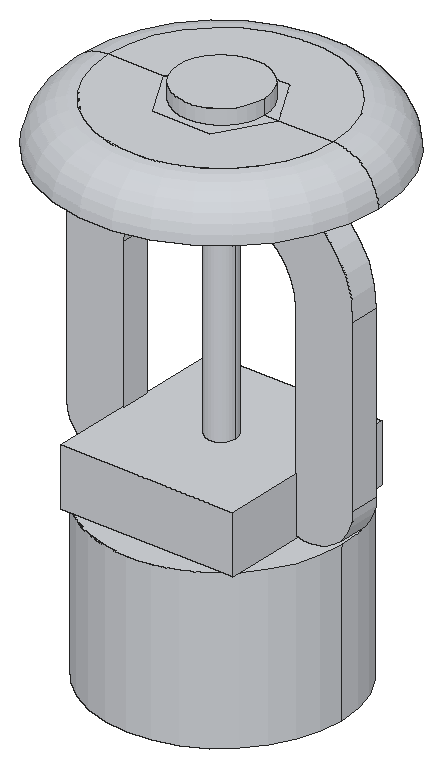
Revit family
Parameters (values of type "RASCO F1FR UPRIGHT")
  Temperature Rating = 155 °F
  Response = 1
  RASCO SIN # = "R3622"
  RASCO Part # = "F1FRU1LB"
  Pressure Rating = "175 PSI"
  Pressure Class = (empty or 0)
  Orifice Size = 17/32"
  Orifice = (empty or 0)
  Model = "F1FR"
  Manufacturer = "RASCO"
  K-Factor = 8
  Description = "Brz. Finish"
  Coverage = (empty or 0)
Reference planes (in)
  plane 1 "Center (Front/Back)": y = 0
  plane 2: z = 0
  plane 3 "Center (Left/Right)": x = 0
Dimensions and locks (in)
  aligned and locked: plane 2 to level
Nested families (in)
  nested 1: "F1FRU1LB" at (1.3086, -4.50959, 0), type "RASCO F1FR UPRIGHT"
Connectors (in)
  piping at (1.3086, -4.50959, 0)
    settings: on nested 1, index 1, connector radius 1/2", flow factor 0, pipe flow 0 GPM, pressure drop 0.00 psi, fitting loss kfactor 0, connector angle 0.00°, fixture units 0, flow configuration 0, flow direction 0, fitting loss method 0, system type 7, connector reference index -1, connector utility 0, adjustable connector no, is connector primary yes, fitting loss table "", connector description ""
Definition of nested family "F1FRU1LB"
  Parameters (values of type "RASCO F1FR UPRIGHT")
    Type Comments = ""
    Temperature Rating = 0 °F
    Response = (empty or 0)
    Pressure Rating = "0"
    Pressure Class = (empty or 0)
    Orifice Size = 0"
    Orifice = (empty or 0)
    Model = ""
    Manufacturer = ""
    K-Factor = 0
    Description = ""
    Coverage = (empty or 0)
    Assembly Code = ""
  Reference planes (in)
    plane 1 "Center (Front/Back)": y = 0
    plane 2: z = 0
    plane 3 "ref.2": z = 0.6875
    plane 4 "ref.3": z = 0.9375
    plane 5: x = -0.38065
    plane 6: x = 0.36935
    plane 7 "ref. side 1": y = 0.06402
    plane 8 "ref. side 2": y = -0.06098
    plane 9 "ref.4": z = 1.875
    plane 10 "ref.5": z = 2.3125
    plane 11 "ref.6": z = 2.4375
  Forms (in)
    Extrusion 1, solid
      sketch origin (0, 0, 0) x (1, 0, 0) y (0, 1, 0)
        loop
          circle (0, 0) r 0.5221
      from 0 to 0.6875
    Extrusion 2, solid
      sketch origin (-0.12185, 0.05177, 0.6875) x (1, 0, 0) y (0, 1, 0)
        loop
          line (-0.2588, 0.356) -> (-0.2588, -0.4565) -> (0.4912, -0.4565) -> (0.4912, 0.356) -> (-0.2588, 0.356)
      from 0 to 0.25
    Extrusion 3, solid
      sketch origin (0, 0, 0) x (1, 0, 0) y (0, 0, 1)
        loop
          line (-0.38065, 0.69674) -> (-0.38065, 1.58397)
          arc (-0.38065, 1.58397) -> (-0.29541, 1.78976) -> (-0.08962, 1.875) r 0.29103
          line (-0.08962, 1.875) -> (0.07524, 1.875)
          arc (0.07524, 1.875) -> (0.28321, 1.78886) -> (0.36935, 1.58089) r 0.29411
          line (0.36935, 1.58089) -> (0.36935, 0.69728)
          arc (0.36935, 0.69728) -> (0.54046, 0.72329) -> (0.61935, 0.87734) r 0.18984
          line (0.61935, 0.87734) -> (0.61935, 1.61676)
          arc (0.61935, 1.61676) -> (0.48879, 1.93194) -> (0.17361, 2.0625) r 0.44574
          line (0.17361, 2.0625) -> (-0.18509, 2.0625)
          arc (-0.18509, 2.0625) -> (-0.50015, 1.932) -> (-0.63065, 1.61694) r 0.44556
          line (-0.63065, 1.61694) -> (-0.63065, 0.87876)
          arc (-0.63065, 0.87876) -> (-0.55196, 0.72414) -> (-0.38065, 0.69674) r 0.19126
      from -0.06402 to 0.06098
    Extrusion 4, solid
      sketch origin (0, 0, 0.9375) x (-1, 0, 0) y (0, -1, 0)
        loop
          circle (0.00574, -0.00152) r 0.0625
      from 0 to 0.9375
    Extrusion 5, solid
      sketch origin (0, 0, 1.875) x (-1, 0, 0) y (0, -1, 0)
        loop
          circle (0.00574, -0.00152) r 0.1875
      from 0 to 0.4375
    Revolve 6, solid
      sketch origin (0, 0, -0.2777) x (1, 0, 0) y (0, 0, 1)
        loop
          line (-0.19324, 2.33367) -> (-0.19324, 2.52696) -> (-0.25733, 2.52696) -> (-0.49638, 2.52696)
          arc (-0.49638, 2.52696) -> (-0.63432, 2.47056) -> (-0.69321, 2.33367) r 0.19686
          line (-0.69321, 2.33367) -> (-0.19324, 2.33367)
        axis (-0.00574, 2.33367) -> (-0.00574, 2.52696)
      angle from 0 to 360
  Cuts and joins
    joined: Extrusion 1, Extrusion 2, Extrusion 4, Revolve 6
  Lines and regions (in)
    model lines
      curve 1: line (-0.00574, 0.06402, 1.875) -> (-0.00574, -0.06098, 1.875)
  Dimensions and locks (in)
    Extrusion 3 to Extrusion 3 = 1.250"
    Extrusion 5 to cut or joined group of Extrusion 1, Extrusion 2, Extrusion 4, Revolve 6 = 2.3125"
